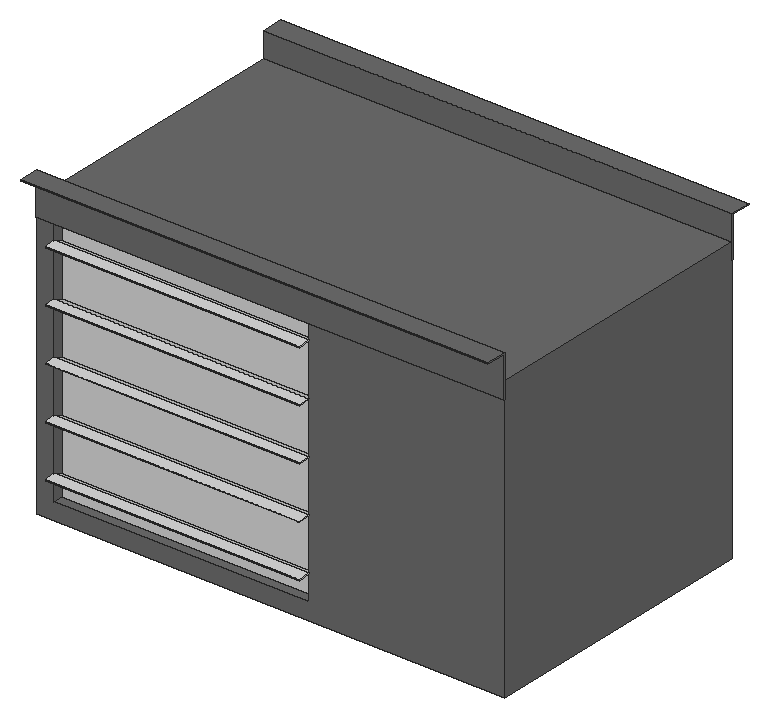
Revit family "Specialty_Equipment-Detroit_Radiant-Unit_Heater-UH_Series-rev", category Specialty Equipment, Revit 2023
Family settings
  Round Connector Dimension = Use Diameter
  Part Type = Normal
  OmniClass Number = 23.75.00.00
  OmniClass Title = Climate Control (HVAC)
  Work Plane-Based = No
  Enable Cutting in Views = No
  Always vertical = Yes
  Cut with Voids When Loaded = No
  Maintain Annotation Orientation = No
  Shared = No
  Room Calculation Point = No
Parameters (values of type "UH-60")
  URL = "https://www.reverberray.com/"
  UH75 = no
  UH60 = yes
  UH45 = no
  UH30 = no
  Type Comments = ""
  Model = if(UH30, "UH-30", if(UH45, "UH-45", if(UH60, "UH-60", if(UH75, "UH-75", ""))))  # "UH-60"
  Manufacturer = "Detroit Radiant Products Company"  # constant formula
  CD_Void Offset Right = if(or(UH30, UH45), 0' 1", 0' 11 3/4")  # 0' - 11 3/4"
  CD_Void Offset Left = if(or(UH30, UH45), 0' 11 3/4", 0' 1")  # 0' - 1"
  CD_Number of Louvers = if(or(UH30, UH45), 4, 5)  # 5
  CD_Louver Spacing = (CD_Heater Height - 0' 4 1/2") / (CD_Number of Louvers - 1)  # 0' - 3 1/8"
  CD_Gas Offset W = if(or(UH30, UH45), 0' 4", 2' 0")  # 2' - 0"
  Description = "Separated Combustion, Gas-Fired Unit Heater"  # constant formula
  Default Elevation = 10' - 0"
  CH_Heater Width = 2' - 4"  # constant formula
  CD_Vent Offset W = if(or(UH30, UH45), 0' 5.3", 1' 10 3/4")  # 1' - 10 3/4"
  CD_Vent Offset H = if(or(UH30, UH45), 0' 3.78", 1' 1")  # 1' - 1"
  CD_Gas Offset H = if(or(UH30, UH45), 0' 9 1/2", 0' 3.88")  # 0' - 3.88"
  CD_Fan Radius = if(or(UH30, UH45), 0' 5", 0' 7")  # 0' - 7"
  CD_Fan Offset W = if(or(UH30, UH45), 0' 7.12", 1' 7.38")  # 1' - 7.38"
  CD_Fan Depth = 0' - 6.54"  # constant formula
  CD_Unit Size = "Description of Product Sizing, set with equation if possible"
  CD_Product Page URL = "https://www.reverberray.com/products/commercial-industrial/unit-heaters/uh-series/"
  CD_Product Name = "Separated Combustion, Gas-Fired Unit Heater"  # constant formula
  CD_Product Documentation Link = "https://www.reverberray.com/wp-content/uploads/2016/05/LBUH_UH-Series-Unit-Heater-Brochure_11-13_r1.pdf"
  CD_Microsite = "https://www.caddetails.com/"
  CD_Install Documentation = "https://www.reverberray.com/wp-content/uploads/2016/05/liouh_05313.pdf"
  CD_Heater Height = if(or(UH30, UH45), 1' 0", 1' 5")  # 1' - 5"
  CD_Heater Depth = 1' - 5"  # constant formula
  CD_Gas Connector = "60,000 BTU"
  CD_Finish Component = Metal-Steel-Detroit_Radiant-Stainless
  CD_Finish = Metal-Steel-Detroit_Radiant-Coated_Aluminized_Steel
  CD_Exhaust Offset W = if(or(UH30, UH45), 0' 8 1/2", 1' 7")  # 1' - 7"
  CD_Exhaust Offset H = if(or(UH30, UH45), 0' 8 1/4", 0' 8 1/4")  # 0' - 8 1/4"
  CD_Created By = "CADdetails Ltd. 2024"  # constant formula
  Assembly Code = "D3020"
Types (5): name | UH75 | UH60 | UH45 | UH30 | Model | CD_Void Offset Right | CD_Void Offset Left | CD_Number of Louvers | CD_Louver Spacing | CD_Gas Offset W | Default Elevation | CD_Vent Offset W | CD_Vent Offset H | CD_Gas Offset H | CD_Fan Radius | CD_Fan Offset W | CD_Heater Height | CD_Gas Connector | CD_Exhaust Offset W
  (no name) | no | yes | no | no | "UH-60" | 0' - 11 3/4" | 0' - 1" | 5 | 0' - 3 1/8" | 2' - 0" | 10' - 0" | 1' - 10 3/4" | 1' - 1" | 0' - 3.88" | 0' - 7" | 1' - 7.38" | 1' - 5" | "60,000 BTU" | 1' - 7"
  UH-30 | no | no | no | yes | "UH-30" | 0' - 1" | 0' - 11 3/4" | 4 | 0' - 2 1/2" | 0' - 4" | 8' - 0" | 0' - 5.3" | 0' - 3.78" | 0' - 9 1/2" | 0' - 5" | 0' - 7.12" | 1' - 0" | "30,000 BTU" | 0' - 8 1/2"
  UH-45 | no | no | yes | no | "UH-45" | 0' - 1" | 0' - 11 3/4" | 4 | 0' - 2 1/2" | 0' - 4" | 8' - 0" | 0' - 5.3" | 0' - 3.78" | 0' - 9 1/2" | 0' - 5" | 0' - 7.12" | 1' - 0" | "45,000 BTU" | 0' - 8 1/2"
  UH-60 | no | yes | no | no | "UH-60" | 0' - 11 3/4" | 0' - 1" | 5 | 0' - 3 1/8" | 2' - 0" | 10' - 0" | 1' - 10 3/4" | 1' - 1" | 0' - 3.88" | 0' - 7" | 1' - 7.38" | 1' - 5" | "60,000 BTU" | 1' - 7"
  UH-75 | yes | no | no | no | "UH-75" | 0' - 11 3/4" | 0' - 1" | 5 | 0' - 3 1/8" | 2' - 0" | 10' - 0" | 1' - 10 3/4" | 1' - 1" | 0' - 3.88" | 0' - 7" | 1' - 7.38" | 1' - 5" | "75,000 BTU" | 1' - 7"
Reference planes (in)
  plane 1 "Center (Front/Back)": y = 0
  plane 2 "Bottom": z = 0
  plane 3 "Center (Left/Right)": x = 82
  plane 4 "Top Heater": z = 17
  plane 5 "Left": x = 68
  plane 6 "Right": x = 96
  plane 7 "Back": y = 8.5
  plane 8 "Front": y = -8.5
  plane 9 "Fan Offset H": z = 8.5
  plane 10 "Fan Offset W": x = 76.62
  plane 11 "Back Fan": y = 15.04
  plane 12 "Vent Offset W": x = 90.75
  plane 13 "Vent Offset H": z = 13
  plane 14 "Gas Offset W": x = 92
  plane 15 "Gas Offset H": z = 3.88
  plane 16 "Void Top": z = 16
  plane 17 "Void Bottom": z = 1
  plane 18 "Void Right": x = 84.25
  plane 19 "Void Left": x = 69
  plane 20 "Top": z = 18.5
  plane 21 "Louver 1": z = 2.25
  plane 22 "Louver 2": z = 5.375
  plane 23 "Exhaust Offset W": x = 87
  plane 24 "Exhaust Offset H": z = 8.25
Forms (in)
  Extrusion 1, solid, material "Metal-Steel-Detroit_Radiant-Coated_Aluminized_Steel" <- "CD_Finish"
    sketch origin (0, 0, 0) x (1, 0, 0) y (0, 0, 1)
      loop
        line (68, 17) -> (68, 0.00796) -> (96, 0.00796) -> (96, 17) -> (68, 17)
    from -8.5 to 8.5
  Revolve 2, solid, material "Metal-Steel-Detroit_Radiant-Coated_Aluminized_Steel" <- "CD_Finish", detail levels medium+fine
    sketch origin (76.62, 0, 0) x (0, 0, 1) y (0, -1, 0)
      loop
        arc (9.81, -15.04) -> (9.94435, -14.98435) -> (10, -14.85) r 0.19
        line (10, -14.85) -> (10, -10.72) -> (15.1, -10.72) -> (15.5, -8.5) -> (8.5, -8.5) -> (8.5, -15.04) -> (9.81, -15.04)
      axis (8.5, -8.5) -> (8.5, -15.04)
    angle from 0 to 360
  Revolve 3, solid, material "Metal-Steel-Detroit_Radiant-Coated_Aluminized_Steel" <- "CD_Finish"
    sketch origin (90.75, 0, 0) x (0, 0, 1) y (0, -1, 0)
      loop
        line (15.6, -8.5) -> (13, -8.5) -> (13, -10) -> (15, -10) -> (15, -8.5625) -> (15.6, -8.5625) -> (15.6, -8.5)
      axis (13, -8.5) -> (13, -10)
    angle from 0 to 360
  Revolve 4, solid, material "Metal-Steel-Detroit_Radiant-Coated_Aluminized_Steel" <- "CD_Finish", detail levels medium+fine
    sketch origin (92, 0, 0) x (0, 0, 1) y (0, -1, 0)
      loop
        line (4.38, -11.5) -> (4.38, -8.5) -> (3.88, -8.5) -> (3.88, -11.5) -> (4.38, -11.5)
      axis (3.88, -8.5) -> (3.88, -11.5)
    angle from 0 to 360
  Extrusion 5, void
    sketch origin (0, -8.5, 0) x (0, 0, 1) y (-1, 0, 0)
      loop
        line (1, -84.25) -> (16, -84.25) -> (16, -69) -> (1, -69) -> (1, -84.25)
    from 0 to -0.63
  Extrusion 6, solid, material "Metal-Steel-Detroit_Radiant-Coated_Aluminized_Steel" <- "CD_Finish", detail levels fine
    sketch origin (82, 0, 0) x (0, 1, 0) y (0, 0, 1)
      loop
        line (-8.5, 16) -> (-8.5, 18.5) -> (-9.75, 18.5) -> (-9.75, 18.44) -> (-8.56, 18.44) -> (-8.56, 16) -> (-8.5, 16)
      loop
        line (8.5, 16) -> (8.56, 16) -> (8.56, 18.44) -> (9.75, 18.44) -> (9.75, 18.5) -> (8.5, 18.5) -> (8.5, 16)
    from -14 to 14
  Revolve 7, solid, material "Metal-Steel-Detroit_Radiant-Coated_Aluminized_Steel" <- "CD_Finish"
    sketch origin (87, 0, -3) x (0, 0, 1) y (0, -1, 0)
      loop
        line (13.85, -8.5) -> (11.25, -8.5) -> (11.25, -10) -> (13.25, -10) -> (13.25, -8.5625) -> (13.85, -8.5625) -> (13.85, -8.5)
      axis (11.25, -8.5) -> (11.25, -10)
    angle from 0 to 360
Cuts and joins
  Extrusion 5 cuts Extrusion 1
Dimensions and locks (in)
  "CD_Heater Height": plane 4 "Top Heater" to plane 2 "Bottom"
  equal spacing: plane 5 "Left", plane 3 "Center (Left/Right)", plane 6 "Right"
  "CH_Heater Width": plane 5 "Left" to plane 6 "Right"
  equal spacing: plane 8 "Front", plane 1 "Center (Front/Back)", plane 7 "Back"
  "CD_Heater Depth": plane 8 "Front" to plane 7 "Back"
  Extrusion 1 sketch curve to Extrusion 1 sketch curve to level = 1' - 4.99204", 0' - 0.00796" locked
  Extrusion 1 sketch curve to Extrusion 1 sketch curve to plane 5 "Left" = 2' - 4", 0' - 0" locked
  equal spacing: plane 4 "Top Heater", plane 9 "Fan Offset H", level
  "CD_Fan Offset W": plane 6 "Right" to plane 10 "Fan Offset W"
  "CD_Fan Depth": plane 7 "Back" to plane 11 "Back Fan"
  locked: plane 7 "Back" to Revolve 2 sketch curve at 2.22
  "CD_Vent Offset W": plane 12 "Vent Offset W" to plane 5 "Left"
  "CD_Vent Offset H": level to plane 13 "Vent Offset H"
  locked: Revolve 3 sketch curve to plane 13 "Vent Offset H" at 2.6
  plane 7 "Back" to Revolve 3 sketch curve = 0' - 1 1/2"
  locked: Extrusion 1 to Revolve 3 sketch curve at 0.0625
  Revolve 3 sketch curve to plane 13 "Vent Offset H" = 0' - 2"
  "CD_Gas Offset W": plane 14 "Gas Offset W" to plane 5 "Left"
  "CD_Gas Offset H": level to plane 15 "Gas Offset H"
  locked: Revolve 4 sketch curve to plane 15 "Gas Offset H" at 0.5
  locked: plane 7 "Back" to Revolve 4 sketch curve at 3
  locked: plane 4 "Top Heater" to plane 16 "Void Top" at 1
  locked: plane 17 "Void Bottom" to level at 1
  "CD_Void Offset Right": plane 6 "Right" to plane 18 "Void Right"
  "CD_Void Offset Left": plane 19 "Void Left" to plane 5 "Left"
  locked: plane 8 "Front" to cut or joined group of Extrusion 1, Extrusion 5 at 0.63
  locked: plane 20 "Top" to plane 4 "Top Heater" at 1.5
  locked: plane 20 "Top" to Extrusion 6 sketch curve at 0.06  (x2)
  locked: Extrusion 6 sketch curve to plane 8 "Front" at 0.06
  locked: plane 7 "Back" to Extrusion 6 sketch curve at 0.06
  locked: plane 7 "Back" to Extrusion 6 sketch curve at 1.25
  locked: Extrusion 6 sketch curve to plane 8 "Front" at 1.25
  plane 4 "Top Heater" to Extrusion 6 = 0' - 1 1/2"
  "CD_Louver Spacing": plane 22 "Louver 2" to plane 21 "Louver 1"
  locked: plane 21 "Louver 1" to plane 17 "Void Bottom" at 1.25
  equal spacing: group 1, group 2, group 3, group 4, group 5  (x3)
  "CD_Fan Radius": Revolve 2 sketch curve to plane 9 "Fan Offset H"
  locked: Revolve 2 sketch curve to plane 9 "Fan Offset H" at 1.5
  "CD_Exhaust Offset W": plane 23 "Exhaust Offset W" to plane 5 "Left"
  "CD_Exhaust Offset H": plane 2 "Bottom" to plane 24 "Exhaust Offset H"
  Revolve 7 sketch curve to Revolve 7 sketch curve to Revolve 7 sketch curve to plane 24 "Exhaust Offset H" = 0' - 0.6" locked, 0' - 2" locked, 0' - 0" locked
  Revolve 7 sketch curve to Revolve 7 sketch curve to Revolve 7 sketch curve to plane 7 "Back" = 0' - 1 7/16" locked, 0' - 0 1/16" locked, 0' - 0" locked
  locked: plane 23 "Exhaust Offset W" to Revolve 7
  locked: Extrusion 1 to Revolve 2 sketch curve (angle 79.786°)
  aligned and locked: level to plane 2 "Bottom"
  aligned and locked: plane 4 "Top Heater" to Extrusion 1
  aligned and locked: Revolve 2 sketch curve to plane 9 "Fan Offset H"
  aligned and locked: Revolve 2 sketch curve to plane 7 "Back"
  aligned and locked: plane 9 "Fan Offset H" to Revolve 2 sketch curve
  aligned and locked: plane 11 "Back Fan" to Revolve 2 sketch curve
  aligned and locked: plane 7 "Back" to Revolve 3 sketch curve
  aligned and locked: Revolve 3 sketch curve to plane 13 "Vent Offset H"
  aligned and locked: Revolve 4 sketch curve to plane 7 "Back"
  aligned and locked: Revolve 4 sketch curve to plane 15 "Gas Offset H"
  aligned and locked: plane 15 "Gas Offset H" to Revolve 4 sketch curve
  aligned and locked: plane 13 "Vent Offset H" to Revolve 3 sketch curve
  aligned and locked: Extrusion 5 to plane 17 "Void Bottom"
  aligned and locked: plane 16 "Void Top" to Extrusion 5
  aligned and locked: plane 18 "Void Right" to Extrusion 5
  aligned and locked: Extrusion 5 to plane 19 "Void Left"
  aligned and locked: Extrusion 6 sketch curve to plane 8 "Front"
  aligned and locked: Extrusion 6 sketch curve to plane 16 "Void Top"
  aligned and locked: plane 20 "Top" to Extrusion 6 sketch curve
  aligned and locked: Extrusion 6 sketch curve to plane 20 "Top"
  aligned and locked: Extrusion 6 sketch curve to plane 7 "Back"
  aligned and locked: plane 16 "Void Top" to Extrusion 6 sketch curve
  aligned and locked: plane 6 "Right" to Extrusion 6
  aligned and locked: nested 1 to plane 18 "Void Right"
  aligned and locked: nested 1 to plane 19 "Void Left"
  aligned and locked: plane 21 "Louver 1" to nested 1
  aligned and locked: nested 1 to plane 8 "Front"
  aligned and locked: plane 8 "Front" to cut or joined group of Extrusion 1, Extrusion 5
  aligned and locked: plane 22 "Louver 2" to nested 2
  aligned and locked: nested 2 to plane 8 "Front"
  aligned and locked: nested 2 to plane 19 "Void Left"
Automatic sketch dimensions
  Revolve 2 sketch curve to Revolve 2 sketch curve = 0' - 0.19"
  Revolve 2 sketch curve to plane 11 "Back Fan" = 5' - 7 137/256"
  plane 8 "Front" to Revolve 2 sketch curve = 7' - 8.08824"
  Revolve 3 sketch curve to plane 11 "Back Fan" = 5' - 7 137/256"
  plane 8 "Front" to Revolve 3 sketch curve = 7' - 8.08824"
  Revolve 4 sketch curve to plane 11 "Back Fan" = 5' - 7 137/256"
  plane 8 "Front" to Revolve 4 sketch curve = 7' - 8.08824"
  Extrusion 5 sketch curve to plane 17 "Void Bottom" = 0' - 0"
  Extrusion 5 sketch curve to plane 16 "Void Top" = 0' - 0"
  Extrusion 5 sketch curve to plane 18 "Void Right" = 0' - 0"
  Extrusion 5 sketch curve to plane 19 "Void Left" = 0' - 0"
  Revolve 7 sketch curve to plane 11 "Back Fan" = 5' - 7 137/256"
  plane 8 "Front" to Revolve 7 sketch curve = 7' - 8.08824"
  Revolve 7 sketch curve to plane 24 "Exhaust Offset H" = 0' - 0"
Nested families (in)
  nested 1: "Specialty_Equipment-Detroit_Radiant-Unit_Heater-UH_Series_Louver" at (55.25, -8.5, 2.25) x (-1, 0, 0) z (0, 0, 1), Material <- "CD_Finish Component", type "Specialty_Equipment-Detroit_Radiant-Unit_Heater-UH_Series_Louver", detail levels fine
    with W 1' - 3 1/4", Material Metal-Steel-Detroit_Radiant-Stainless
  nested 2: "Specialty_Equipment-Detroit_Radiant-Unit_Heater-UH_Series_Louver" at (55.25, -8.5, 5.375) x (-1, 0, 0) z (0, 0, 1), Material <- "CD_Finish Component", type "Specialty_Equipment-Detroit_Radiant-Unit_Heater-UH_Series_Louver", detail levels fine
    with W 1' - 3 1/4", Material Metal-Steel-Detroit_Radiant-Stainless
  nested 3: "Specialty_Equipment-Detroit_Radiant-Unit_Heater-UH_Series_Louver" at (55.25, -8.5, 8.5) x (-1, 0, 0) z (0, 0, 1), Material <- "CD_Finish Component", type "Specialty_Equipment-Detroit_Radiant-Unit_Heater-UH_Series_Louver", detail levels fine
    with W 1' - 3 1/4", Material Metal-Steel-Detroit_Radiant-Stainless
  nested 4: "Specialty_Equipment-Detroit_Radiant-Unit_Heater-UH_Series_Louver" at (55.25, -8.5, 11.625) x (-1, 0, 0) z (0, 0, 1), Material <- "CD_Finish Component", type "Specialty_Equipment-Detroit_Radiant-Unit_Heater-UH_Series_Louver", detail levels fine
    with W 1' - 3 1/4", Material Metal-Steel-Detroit_Radiant-Stainless
  nested 5: "Specialty_Equipment-Detroit_Radiant-Unit_Heater-UH_Series_Louver" at (55.25, -8.5, 14.75) x (-1, 0, 0) z (0, 0, 1), Material <- "CD_Finish Component", type "Specialty_Equipment-Detroit_Radiant-Unit_Heater-UH_Series_Louver", detail levels fine
    with W 1' - 3 1/4", Material Metal-Steel-Detroit_Radiant-Stainless
Connectors (in)
  hvac at (76.62, 10.72, 8.5)
    settings: on Revolve 2, index 1, duct flow 0 CFM, flow factor 0, pres drop 0.00 in-wg, loss coef 0, conn angle 0.00°, conn width 12", conn height 12", conn diameter 4", duct sys type 1, conn prof type 0, flow config 0, flow direction 1, loss method 0, conn ref index -1, conn util no, is conn primary yes, conn desc ""
  piping at (92, 11.5, 3.88), diameter 1, driven by "CD_Gas Connector"
    settings: on Revolve 4, index 2, connector inside diameter 24", connector length 0' - 0", flow factor 0, pipe flow 0 GPM, pressure drop 0.00 psi, fitting loss kfactor 0, connector angle 0.00°, fixture units 0, engagement length 0' - 0", angle of deflection 0.00°, flow configuration 0, flow direction 0, fitting loss method 0, system type 22, joint type 0, gender type 0, connector reference index -1, connector utility 0, adjustable connector no, is connector primary yes, connector description "60,000 BTU"
  hvac at (90.75, 10, 13)
    settings: on Revolve 3, index 3, duct flow 0 CFM, flow factor 0, pres drop 0.00 in-wg, loss coef 0, conn angle 0.00°, conn width 1", conn height 1", conn diameter 4", duct sys type 3, conn prof type 0, flow config 0, flow direction 0, loss method 0, conn ref index -1, conn util no, is conn primary no, conn desc ""
  piping at (92, 11.5, 3.88), diameter 1, driven by "CD_Gas Connector"
    settings: on Revolve 4, index 4, connector inside diameter 24", connector length 0' - 0", flow factor 0, pipe flow 0 GPM, pressure drop 0.00 psi, fitting loss kfactor 0, connector angle 0.00°, fixture units 0, engagement length 0' - 0", angle of deflection 0.00°, flow configuration 0, flow direction 0, fitting loss method 0, system type 22, joint type 0, gender type 0, connector reference index -1, connector utility 0, adjustable connector no, is connector primary no, connector description "60,000 BTU"
  piping at (92, 11.5, 3.88), diameter 1, driven by "CD_Gas Connector"
    settings: on Revolve 4, index 5, connector inside diameter 24", connector length 0' - 0", flow factor 0, pipe flow 0 GPM, pressure drop 0.00 psi, fitting loss kfactor 0, connector angle 0.00°, fixture units 0, engagement length 0' - 0", angle of deflection 0.00°, flow configuration 0, flow direction 0, fitting loss method 0, system type 22, joint type 0, gender type 0, connector reference index -1, connector utility 0, adjustable connector no, is connector primary no, connector description "60,000 BTU"
Definition of nested family "Specialty_Equipment-Detroit_Radiant-Unit_Heater-UH_Series_Louver"
  Parameters (values of type "Specialty_Equipment-Detroit_Radiant-Unit_Heater-UH_Series_Louver")
    W [instance] = 1' - 3 1/4"
    Material [instance] = none
    Default Elevation = 0' - 0"
  Reference planes (in)
    plane 1 "Center (Front/Back)": y = 0
    plane 2: z = 0
    plane 3 "Right": x = -13.75
    plane 4 "Left": x = -29
  Forms (in)
    Extrusion 1, solid, material <- "Material"
      sketch origin (-13.75, 0, 0) x (0, 1, 0) y (0, 0, 1)
        loop
          line (0, 0.30367) -> (-0.625, 0.034) -> (-0.61033, 0) -> (0, 0.26334) -> (0.61992, 0.18399) -> (0.625, 0.22367) -> (0, 0.30367)
      from -15.25 to 0
  Dimensions and locks (in)
    "W": plane 4 "Left" to plane 3 "Right"
    aligned and locked: level to plane 2
    aligned and locked: Extrusion 1 to plane 4 "Left"
    aligned and locked: plane 3 "Right" to Extrusion 1
  Automatic sketch dimensions
    Extrusion 1 sketch curve to plane 1 "Center (Front/Back)" = 0' - 0"  (x2)
    level to Extrusion 1 sketch curve = 0' - 0"
    plane 1 "Center (Front/Back)" to Extrusion 1 sketch curve = 0' - 0.61033"
    level to Extrusion 1 sketch curve = 0' - 0.034"
    Extrusion 1 sketch curve to Extrusion 1 sketch curve = 0' - 0.01467"
    level to Extrusion 1 sketch curve = 0' - 0.18399"
    Extrusion 1 sketch curve to Extrusion 1 sketch curve = 0' - 0.00508"
